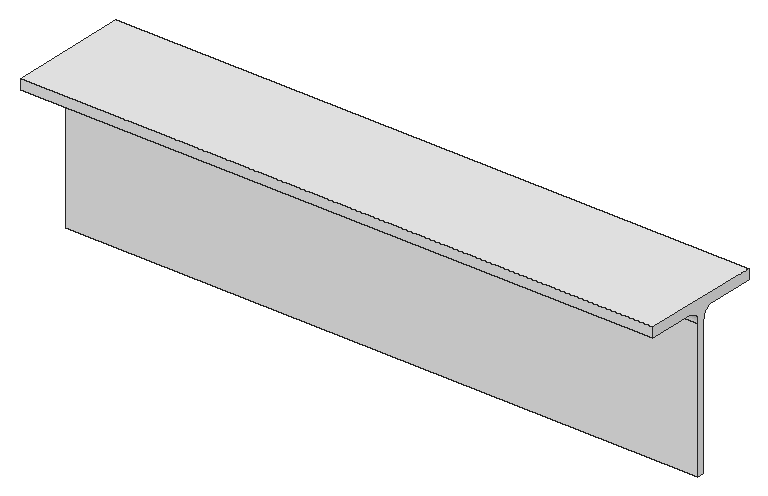
Revit family
Parameters (values of type "WT305X62.5")
  시작 확장 계산 [instance] = 3012.5 mm + 시작 확장  # 3000 mm
  시작 확장 [instance] = -12.5 mm
  끝 확장 계산 [instance] = 3012.5 mm + 끝 확장  # 3000 mm
  끝 확장 [instance] = -12.5 mm
  보 재료 [instance] = 금속 - 스틸 - 345 MPa
  Assembly Code = ""
  A = 0.008 m²
  Length [instance] = 1524 mm
  W = 0.613
  bf = 229 mm
  d = 306 mm
  k = 42 mm
  kr = k - tf  # 22.4 mm
  tf = 19.6 mm
  tw = 11.9 mm
Types (2, lengths in mm): name | A | W | bf | d | k | kr | tf | tw
  WT305X62.5 | 0.008 m² | 0.613 | 229 | 306 | 42 | 22.4 | 19.6 | 11.9
  WT460X119 | 0.0152 m² | 1.17 | 305 | 457 | 48 | 22.1 | 25.9 | 16.5
Reference planes
  plane 1 "중심(앞/뒤)": y = 0
  plane 2: z = 0
  plane 3 "중심(왼쪽/오른쪽)": x = 4.61
  plane 4 "왼쪽 부재": x = -604.99
  plane 5 "오른쪽 부재": x = 614.21
  plane 6: y = 114.5
  plane 7: y = -114.5
  plane 8 "상단": z = 153
  plane 9: z = -153
  plane 10 "왼쪽": x = -757.39
  plane 11 "오른쪽": x = 766.61
  plane 12: x = -604.99
  plane 13: x = 614.21
  plane 14: x = 2395.01
  plane 15: x = -2385.79
Forms (mm)
  Sweep 1, solid, material "금속 - 스틸 - 345 MPa" <- "보 재료", detail levels medium
    path origin (0, 0, 0) x (1, 0, 0) y (0, 1, 0)
      loop
        line (614.21, 0) -> (-604.99, 0)
    profile "M_구조 T자형-프로파일-중간 : M_구조 T자형-프로파일-중간" origin (4.61, 0, 0) x (0, -1, 0) y (0, 0, 1)
      loop
        line (-114.5, 153) -> (-114.5, 133.4) -> (-5.95, 133.4) -> (-5.95, -153) -> (5.95, -153) -> (5.95, 133.4) -> (114.5, 133.4) -> (114.5, 153) -> (-114.5, 153)
  Sweep 2, solid, material "금속 - 스틸 - 345 MPa" <- "보 재료", detail levels fine
    path origin (0, 0, 0) x (1, 0, 0) y (0, 1, 0)
      loop
        line (614.21, 0) -> (-604.99, 0)
    profile "M_구조 T자형-프로파일-섬세 : M_구조 T자형-프로파일-섬세" origin (4.61, 0, 0) x (0, -1, 0) y (0, 0, 1)
      loop
        line (-114.5, 153) -> (-114.5, 133.4) -> (-28.35, 133.4)
        arc (-28.35, 133.4) -> (-12.511, 126.839) -> (-5.95, 111) r 22.4
        line (-5.95, 111) -> (-5.95, -153) -> (5.95, -153) -> (5.95, 111)
        arc (5.95, 111) -> (12.511, 126.839) -> (28.35, 133.4) r 22.4
        line (28.35, 133.4) -> (114.5, 133.4) -> (114.5, 153) -> (-114.5, 153)
Lines and regions (mm)
  symbolic lines, style "숨겨진 면", detail levels medium+fine
    curve 1: line (614.21, -6.5, 0) -> (-604.99, -6.5, 0)
    curve 2: line (614.21, 6.5, 0) -> (-604.99, 6.5, 0)
  symbolic lines, style "기호 부착", detail levels coarse
    curve 3: line (4.61, 114.5, 153) -> (4.61, -114.5, 153)
    curve 4: line (4.61, 0, 153) -> (4.61, 0, -153)
Dimensions and locks
  "bf": plane 6 to plane 7
  "d": plane 9 to plane 8 "상단"
  equal spacing: plane 9, plane 2, plane 8 "상단"
  equal spacing: plane 6, plane 1 "중심(앞/뒤)", plane 7
  "Length": plane 10 "왼쪽" to plane 11 "오른쪽"
  locked: plane 4 "왼쪽 부재" to plane 14 at 3000
  locked: plane 15 to plane 5 "오른쪽 부재" at 3000
  "시작 확장 계산": plane 12 to plane 14
  "끝 확장 계산": plane 15 to plane 13
  aligned and locked: Sweep 1 sketch curve to plane 1 "중심(앞/뒤)"
  aligned and locked: Sweep 2 sketch curve to plane 1 "중심(앞/뒤)"
  aligned and locked: Sweep 2 to curve 3  (x2)
  aligned and locked: curve 4 to Sweep 1
  aligned and locked: curve 3 to Sweep 2
  aligned and locked: plane 12 to Sweep 2 sketch curve
  aligned and locked: plane 13 to Sweep 2 sketch curve
  aligned and locked: plane 12 to Sweep 1 sketch curve
  aligned and locked: plane 13 to Sweep 1 sketch curve
  aligned and locked: plane 12 to curve 2
  aligned and locked: plane 12 to curve 1
  aligned and locked: plane 13 to curve 2
  aligned and locked: plane 13 to curve 1
Automatic sketch dimensions
  plane 1 "중심(앞/뒤)" to curve 1 = 6.5 mm
  curve 2 to plane 1 "중심(앞/뒤)" = 6.5 mm
  curve 4 to plane 1 "중심(앞/뒤)" = 0 mm
